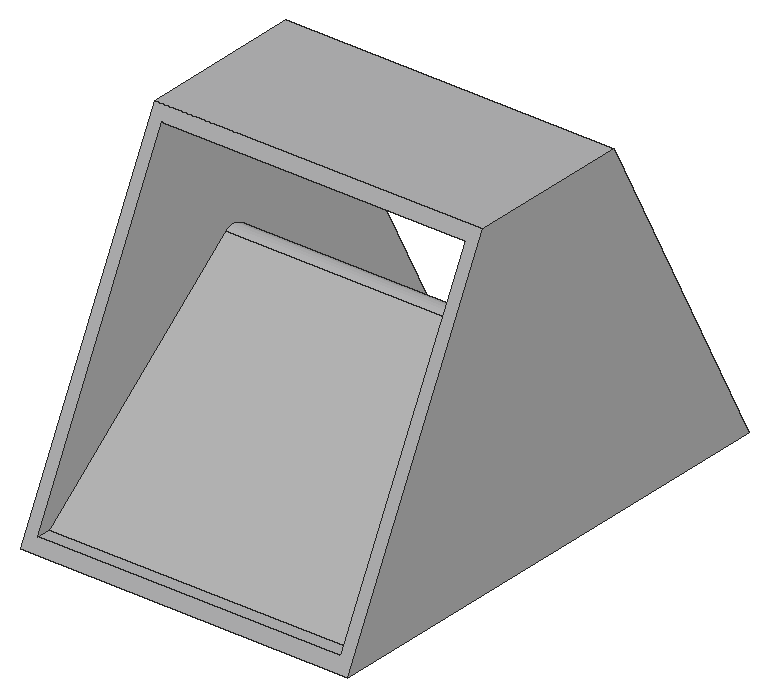
Revit family "3039981 Lighting Fixture_Sylvania_Lumina Sync LED_Wall Mounted", category Lighting Fixtures, host Face, Revit 2017
Family settings
  Host = Face
  Round Connector Dimension = Use Diameter
  Part Type = Normal
  OmniClass Number = 23.80.70.11.17
  OmniClass Title = Specialized Lighting by Location or Use
  Cut with Voids When Loaded = No
  Light Source = Yes
  Shared = No
  Room Calculation Point = No
Parameters (values of type "Lumina Sync LED 2700K")
  Width = Length  # 80.0 mm
  Wattage = 6 W
  built-in parameter 1150110 = 1 (stored number, unit not read)
  Voltage Comments = "UNV (Universal Voltage; 100-240 Volt)"  # constant formula
  Voltage = 240 V  # constant formula
  URL = "http://www.sylvania-lighting.com"
  built-in parameter 1114217 = 1 (stored number, unit not read)
  Top Height = 40.0 mm
  Tilt Angle = 90.00°
  built-in parameter 1150109 = 1 (stored number, unit not read)
  built-in parameter 1150134 = (empty or 0)
  built-in parameter 1150113 = 1 (stored number, unit not read)
  Product Page URL = "http://www.sylvania-lighting.com/product/en-int/products/3039981"
  Product Family = "Lumina LED"  # constant formula
  Photometry Comments = ""
  Photometric Web File = "3039981_LuminaSyncLED2700K-183035.ies"
  built-in parameter 1150105 = 21.486 (stored number, unit not read)
  Lumens = 270 lm
  built-in parameter 1150115 = 1 (stored number, unit not read)
  built-in parameter 1150137 = (empty or 0)
  built-in parameter 1150139 = (empty or 0)
  Light Distribution = "Direct/Indirect"  # constant formula
  Life = "30 000h"  # constant formula
  Length = 80.0 mm  # constant formula
  built-in parameter 1150112 = 1 (stored number, unit not read)
  built-in parameter 1150114 = 1 (stored number, unit not read)
  built-in parameter 1150132 = 2
  built-in parameter 1150102 = (empty or 0)
  built-in parameter 1150107 = 2700 (stored number, unit not read)
  built-in parameter 1150138 = (empty or 0)
  built-in parameter 1150106 = 0.21486 (stored number, unit not read)
  IP Rating = "IP20"  # constant formula
  Height = 122.0 mm  # constant formula
  Energy Class = "A++, A+, A"  # constant formula
  Emit from Circle Diameter = 7.0 mm  # constant formula
  Emit Shape Visible in Rendering = no
  Electrical Protection = "Class II"  # constant formula
  built-in parameter 1150104 = 4.1806 (stored number, unit not read)
  Drive Current = "500mA"  # constant formula
  Dimming Lamp Color Temperature Shift = <None>
  Color Filter = 16777215
  built-in parameter 1114218 = 1 (stored number, unit not read)
  built-in parameter 1150133 = 10 (stored number, unit not read)
  built-in parameter 1114216 [instance] = 1 (stored number, unit not read)
  Body Material = Aluminum_Sylvania_Sync LED_White_RAL 9016
  Model = "3039981 Lumina Sync LED 2700K"
  Manufacturer = "Feilo Sylvania"  # constant formula
  Lamp = "LED"
  Accessory Material = Aluminum_Sylvania_Sync LED_White_RAL 9016
  Description = "Lumina LED is a new range of ambient & decorative LED wall lights. Consisting of multiple decorative styles, they are suitable for use in any hospitality or residential application such as reception areas, hallways and lounge spaces. Lumina LED offers a selection of different styles to suit multiple applications. With a 2,700K colour temperature it provides a soft and ambient lighting effect. Lumina LED provides direct/indirect ambient light with an efficacy of up to 87lm/W; up to 50% more energy efficient than equivalent products using traditional lamp sources."  # constant formula
  Default Elevation = 0.0 mm
  built-in parameter 1140040 [instance] = 1
  Assembly Code = "D5020200"
  Apparent Load Comments = ""
  Apparent Load = 6 VA
Reference planes
  plane 1 "Center (Front/Back)": y = 0
  plane 2 "Fixture Back": z = 0
  plane 3 "Center (Left/Right)": x = 0
  plane 4 "Fixture Right": x = 40
  plane 5 "Fixture Left": x = -40
  plane 6 "Fixture Front": z = 80
  plane 7 "Fixture Top": y = 61
  plane 8 "Fixture Bottom": y = -61
  plane 9: x = -37
  plane 10: x = 37
  plane 11 "Light Source": z = 77
  plane 12: z = 3
  plane 13: y = -56
  plane 14: y = -20
  plane 15: y = 20
  plane 16: y = 56
Forms (mm)
  Extrusion 1, solid, material "Aluminum_Sylvania_Sync LED_White_RAL 9016" <- "Accessory Material"
    sketch origin (0, 0, 0) x (1, 0, 0) y (0, 0, 1)
      loop
        line (-40, 80) -> (-40, 0) -> (40, 0) -> (40, 80) -> (-40, 80)
      loop
        line (37, 77) -> (-37, 77) -> (-37, 3) -> (37, 3) -> (37, 77)
    from -61 to 61
  Extrusion 2, solid, material "Aluminum_Sylvania_Sync LED_White_RAL 9016" <- "Body Material"
    sketch origin (0, 0, 0) x (0, 1, 0) y (0, 0, 1)
      loop
        line (56, 3) -> (2.343, 44.718)
        arc (2.343, 44.718) -> (0, 45.522) -> (-2.343, 44.718) r 3.817
        line (-2.343, 44.718) -> (-56, 3) -> (56, 3)
      loop
        line (50.169, 5) -> (1.115, 43.139)
        arc (1.115, 43.139) -> (0, 43.522) -> (-1.115, 43.139) r 1.817
        line (-1.115, 43.139) -> (-50.169, 5) -> (50.169, 5)
    from -37 to 37
  Extrusion 3, void
    sketch origin (0, 0, 0) x (0, 1, 0) y (0, 0, 1)
      loop
        line (61, 0) -> (71, 0) -> (71, 80) -> (20, 80) -> (61, 0)
      loop
        line (-61, 0) -> (-20, 80) -> (-71, 80) -> (-71, 0) -> (-61, 0)
    from -40 to 40
Cuts and joins
  Extrusion 3 cuts Extrusion 1
Dimensions and locks
  equal spacing: plane 4 "Fixture Right", plane 3 "Center (Left/Right)", plane 5 "Fixture Left"
  "Length": plane 4 "Fixture Right" to plane 5 "Fixture Left"
  plane 6 "Fixture Front" to plane 2 "Fixture Back" = 80.0 mm
  "Width": plane 6 "Fixture Front" to plane 2 "Fixture Back"
  equal spacing: plane 7 "Fixture Top", plane 1 "Center (Front/Back)", plane 8 "Fixture Bottom"
  "Height": plane 7 "Fixture Top" to plane 8 "Fixture Bottom"
  locked: plane 12 to plane 2 "Fixture Back" at 3
  locked: plane 6 "Fixture Front" to plane 11 "Light Source" at 3
  locked: plane 9 to plane 5 "Fixture Left" at 3
  locked: plane 4 "Fixture Right" to plane 10 at 3
  locked: plane 13 to plane 8 "Fixture Bottom" at 5
  equal spacing: plane 15, plane 1 "Center (Front/Back)", plane 14
  "Top Height": plane 15 to plane 14
  locked: Extrusion 3 sketch curve to plane 7 "Fixture Top" at 10
  locked: plane 8 "Fixture Bottom" to Extrusion 3 sketch curve at 10
  locked: plane 7 "Fixture Top" to plane 16 at 5
  aligned and locked: level to host face
  aligned and locked: level to plane 2 "Fixture Back"
  aligned and locked: Extrusion 2 to plane 9
  aligned and locked: plane 10 to Extrusion 2
  aligned and locked: Extrusion 1 sketch curve to plane 6 "Fixture Front"
  aligned and locked: plane 5 "Fixture Left" to Extrusion 1 sketch curve
  aligned and locked: level to Extrusion 1 sketch curve
  aligned and locked: Extrusion 1 sketch curve to plane 4 "Fixture Right"
  aligned and locked: Extrusion 1 sketch curve to plane 11 "Light Source"
  aligned and locked: plane 10 to Extrusion 1 sketch curve
  aligned and locked: Extrusion 1 sketch curve to Extrusion 2
  aligned and locked: plane 8 "Fixture Bottom" to Extrusion 1
  aligned and locked: Extrusion 1 to plane 7 "Fixture Top"
  aligned and locked: imposter light to plane 11 "Light Source"
  aligned and locked: imposter light to plane 1 "Center (Front/Back)"
  aligned and locked: imposter light to plane 3 "Center (Left/Right)"
  aligned and locked: Extrusion 3 sketch curve to plane 6 "Fixture Front"
  aligned and locked: plane 2 "Fixture Back" to Extrusion 3 sketch curve
  aligned and locked: plane 15 to Extrusion 3 sketch curve
  aligned and locked: plane 7 "Fixture Top" to Extrusion 3 sketch curve
  aligned and locked: plane 6 "Fixture Front" to Extrusion 3 sketch curve
  aligned and locked: plane 14 to Extrusion 3 sketch curve
  aligned and locked: Extrusion 3 sketch curve to plane 2 "Fixture Back"
  aligned and locked: plane 8 "Fixture Bottom" to Extrusion 3 sketch curve
  aligned and locked: Extrusion 3 to plane 5 "Fixture Left"
  aligned and locked: plane 4 "Fixture Right" to Extrusion 3
  aligned and locked: plane 16 to Extrusion 2 sketch curve
  aligned and locked: plane 12 to Extrusion 2 sketch curve  (x2)
  aligned and locked: plane 13 to Extrusion 2 sketch curve
Automatic sketch dimensions
  host sketch curve to host sketch curve = 1548.75 mm
  host sketch curve to host sketch curve = 1415.87 mm
  Extrusion 1 sketch curve to plane 12 = 0.0 mm
  Extrusion 2 sketch curve to plane 1 "Center (Front/Back)" = 0.0 mm
  plane 1 "Center (Front/Back)" to Extrusion 2 sketch curve = 2.343 mm
  Extrusion 2 sketch curve to plane 1 "Center (Front/Back)" = 2.343 mm
  plane 11 "Light Source" to Extrusion 2 sketch curve = 35.295 mm
  Extrusion 2 sketch curve to Extrusion 2 sketch curve = 3.013 mm
  plane 12 to Extrusion 2 sketch curve = 2.0 mm
  plane 16 to Extrusion 2 sketch curve = 5.831 mm
  Extrusion 2 sketch curve to Extrusion 2 sketch curve = 0.0 mm  (x2)
  Extrusion 2 sketch curve to Extrusion 2 sketch curve = 1.228 mm  (x2)
  plane 13 to Extrusion 2 sketch curve = 5.831 mm
  Extrusion 2 sketch curve to Extrusion 2 sketch curve = 1.579 mm
Connectors
  electrical at (0, 0, 0), driven by "Voltage", driven by "Apparent Load"
    settings: on cut or joined group of Extrusion 1, Extrusion 3, index 1, voltage 240 V, apparent load 0 VA, apparent load phase1 6 VA, apparent load phase2 0 VA, apparent load phase3 0 VA, power factor 1, load classification "Lighting", number of poles 1, system type 31, power factor state 1, is connector primary yes, connector utility no, sub classification motor no, connector description ""
